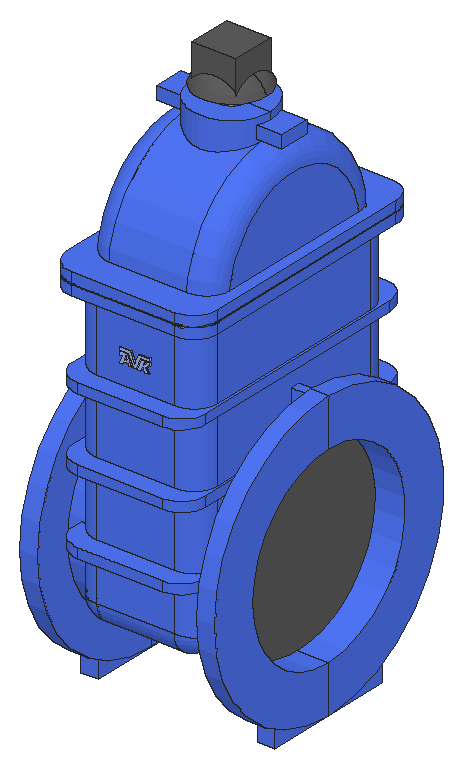
Revit family "45-59-020 DN50-400", category Pipe Accessories, Revit 2022
Family settings
  Round Connector Dimension = Use Diameter
  Part Type = Valve - Breaks Into
  Work Plane-Based = No
  Always vertical = No
  Cut with Voids When Loaded = No
  Shared = No
Parameters (values of type "DN400_PN16")
  stem_R = Stem_cap2 * 0.7  # 32.095 mm
  W = size_lookup(Search_table, "W", 0.00 mm, DN) / 2  # 298.50 mm
  Stem_cap_H3 = size_lookup(Search_table, "Stem_cap_H2", 0.00 mm, DN)  # 48.00 mm
  Stem_cap_H2 = size_lookup(Search_table, "Stem_cap_H2", 0.00 mm, DN) * 0.7  # 33.60 mm
  Stem_cap_H1 = size_lookup(Search_table, "Stem_cap_H1", 0.00 mm, DN)  # 80.00 mm
  Stem_cap_dim1 = Body_W / 1.8  # 72.778 mm
  Stem_cap2 = Body_W * 0.35  # 45.85 mm
  Stem_cap1 = Body_W * 0.4  # 52.40 mm
  Rib_T = size_lookup(Search_table, "Rib_T", 0.00 mm, DN) / 2  # 10.00 mm
  Rib3_W = size_lookup(Search_table, "Rib3_W", 0.00 mm, DN) / 2  # 138.00 mm
  Rib3_L = size_lookup(Search_table, "Rib3_L", 0.00 mm, DN) / 2  # 290.00 mm
  Rib3_H = size_lookup(Search_table, "Rib3_H", 0.00 mm, DN)  # 493.00 mm
  Rib2_W = size_lookup(Search_table, "Rib2_W", 0.00 mm, DN) / 2  # 138.00 mm
  Rib2_L = size_lookup(Search_table, "Rib2_L", 0.00 mm, DN) / 2  # 290.00 mm
  Rib2_H = size_lookup(Search_table, "Rib2_H", 0.00 mm, DN)  # 339.00 mm
  Rib1_W = size_lookup(Search_table, "Rib1_W", 0.00 mm, DN) / 2  # 138.00 mm
  Rib1_R = size_lookup(Search_table, "Rib1_R", 0.00 mm, DN)  # 50.00 mm
  Rib1_L = size_lookup(Search_table, "Rib1_L", 0.00 mm, DN) / 2  # 290.00 mm
  Rib1_H = size_lookup(Search_table, "Rib1_H", 0.00 mm, DN)  # 185.00 mm
  Raised_R1 = FL_OD * 0.78  # 232.83 mm
  Raised_R = size_lookup(Search_table, "Raised_R", 0.00 mm, DN)  # 4.00 mm
  Logo_H. = Body_H * 0.2  # 104.60 mm
  L = size_lookup(Search_table, "L", 0.00 mm, DN)  # 406.00 mm
  H3 = size_lookup(Search_table, "H3", 0.00 mm, DN)  # 1192.00 mm
  H = size_lookup(Search_table, "H", 0.00 mm, DN)  # 893.00 mm
  FL_T = size_lookup(Search_table, "FL_T", 0.00 mm, DN)  # 37.00 mm
  FL_OD = size_lookup(Search_table, "FL_OD", 0.00 mm, DN) / 2  # 298.50 mm
  DN = 400.10 mm
  Description_ = "AVK GATE VALVE, FLANGED"
  Default Elevation = 0.00 mm
  DN400_PN16 = "45-400-5D-016B4"
  DN300_PN10 = "45-300-59-006B4"
  DN400_PN10 = "45-400-5D-006B4"
  DN350_PN16 = "45-350-5D-016B4"
  DN050_PN10/16 = "45-050-59-01614"
  DN300_PN16 = "45-300-59-016B4"
  DN250_PN16 = "45-250-59-016B4"
  Search_table = "45-59-020 DN50-400"
  URL product pages = "https://www.avkvalves.com/P.aspx?no=450505901614"
  Bore_R = DN / 2  # 200.05 mm
  Bonnet_lift3 = stem_R  # 32.095 mm
  Bonnet_lift2 = Bonnet_dim * 0.85  # 225.25 mm
  Bonnet_lift1 = Bonnet_dim * 0.95  # 251.75 mm
  Bonnet_dim2 = Stem_cap2 * 1.8  # 82.53 mm
  Bonnet_dim1 = (Body_L + Stem_cap_H1) * 0.9  # 297.00 mm
  Bonnet_dim = size_lookup(Search_table, "Bonnet_dim", 0.00 mm, DN)  # 265.00 mm
  Bonnet_H = size_lookup(Search_table, "Bonnet_H", 0.00 mm, DN)  # 220.00 mm
  Body_wedge_dim = Bore_R / 2.5  # 80.02 mm
  Body_rib_L = size_lookup(Search_table, "Body_rib_L", 0.00 mm, DN) / 2  # 140.00 mm
  Body_W = size_lookup(Search_table, "Body_W", 0.00 mm, DN) / 2  # 131.00 mm
  Body_T = size_lookup(Search_table, "Body_T", 0.00 mm, DN)  # 22.00 mm
  Body_L = size_lookup(Search_table, "Body_L", 0.00 mm, DN) / 2  # 250.00 mm
  Body_H = size_lookup(Search_table, "Body_H", 0.00 mm, DN)  # 523.00 mm
  Body_FL_W = size_lookup(Search_table, "Body_FL_W", 0.00 mm, DN) / 2  # 157.00 mm
  Body_FL_L = size_lookup(Search_table, "Body_FL_L", 0.00 mm, DN) / 2  # 283.00 mm
  5 = 5.00 mm  # constant formula
  1 = 1.00 mm  # constant formula
Types (8, lengths in mm): name | stem_R | W | Stem_cap_H3 | Stem_cap_H2 | Stem_cap_H1 | Stem_cap_dim1 | Stem_cap2 | Stem_cap1 | Rib_T | Rib3_W | Rib3_L | Rib3_H | Rib2_W | Rib2_L | Rib2_H | Rib1_W | Rib1_R | Rib1_L | Rib1_H | Raised_R1 | Raised_R | Logo_H. | L | H3 | H | FL_T | FL_OD | DN | Bore_R | Bonnet_lift3 | Bonnet_lift2 | Bonnet_lift1 | Bonnet_dim2 | Bonnet_dim1 | Bonnet_dim | Bonnet_H | Body_wedge_dim | Body_rib_L | Body_W | Body_T | Body_L | Body_H | Body_FL_W | Body_FL_L
  (no name) | 32.095 | 298.50 | 48.00 | 33.60 | 80.00 | 72.778 | 45.85 | 52.40 | 10.00 | 138.00 | 290.00 | 493.00 | 138.00 | 290.00 | 339.00 | 138.00 | 50.00 | 290.00 | 185.00 | 232.83 | 4.00 | 104.60 | 406.00 | 1192.00 | 893.00 | 37.00 | 298.50 | 400.10 | 200.05 | 32.095 | 225.25 | 251.75 | 82.53 | 297.00 | 265.00 | 220.00 | 80.02 | 140.00 | 131.00 | 22.00 | 250.00 | 523.00 | 157.00 | 283.00
  DN050_PN10/16 | 10.535 | 82.50 | 70.00 | 49.00 | 55.00 | 23.889 | 15.05 | 17.20 | 4.00 | 25.00 | 50.00 | 25.00 | 25.00 | 50.00 | 25.00 | 25.00 | 15.00 | 50.00 | 25.00 | 64.35 | 3.00 | 24.20 | 169.00 | 383.00 | 293.00 | 16.00 | 82.50 | 50.00 | 25.00 | 10.535 | 69.70 | 77.90 | 27.09 | 106.20 | 82.00 | 63.00 | 10.00 | 40.00 | 43.00 | 8.00 | 63.00 | 121.00 | 57.50 | 75.00
  DN250_PN16 | 22.05 | 203.50 | 70.00 | 49.00 | 60.00 | 50.00 | 31.50 | 36.00 | 6.00 | 32.50 | 75.00 | 25.00 | 32.50 | 75.00 | 25.00 | 32.50 | 30.00 | 75.00 | 25.00 | 156.00 | 3.00 | 60.00 | 330.00 | 832.00 | 628.00 | 28.00 | 200.00 | 250.00 | 125.00 | 22.05 | 189.55 | 211.85 | 56.70 | 198.00 | 223.00 | 160.00 | 50.00 | 90.00 | 90.00 | 19.00 | 160.00 | 300.00 | 110.00 | 190.00
  DN300_PN10 | 27.93 | 241.50 | 70.00 | 49.00 | 60.00 | 63.333 | 39.90 | 45.60 | 8.00 | 150.00 | 231.00 | 35.00 | 150.00 | 231.00 | 280.00 | 150.00 | 40.00 | 231.00 | 125.00 | 188.37 | 3.00 | 74.40 | 356.00 | 943.00 | 701.00 | 28.00 | 241.50 | 300.00 | 150.00 | 27.93 | 208.25 | 232.75 | 71.82 | 245.70 | 245.00 | 213.00 | 60.00 | 110.00 | 114.00 | 19.00 | 213.00 | 372.00 | 142.00 | 241.50
  DN300_PN16 | 27.93 | 241.50 | 70.00 | 49.00 | 60.00 | 63.333 | 39.90 | 45.60 | 8.00 | 150.00 | 231.00 | 35.00 | 150.00 | 231.00 | 280.00 | 150.00 | 40.00 | 231.00 | 125.00 | 188.37 | 3.00 | 74.40 | 356.00 | 944.00 | 701.00 | 28.00 | 241.50 | 300.10 | 150.05 | 27.93 | 208.25 | 232.75 | 71.82 | 245.70 | 245.00 | 213.00 | 60.02 | 110.00 | 114.00 | 19.00 | 213.00 | 372.00 | 142.00 | 241.50
  DN350_PN16 | 30.012 | 266.50 | 115.00 | 80.50 | 96.00 | 68.056 | 42.875 | 49.00 | 9.00 | 145.00 | 250.00 | 35.00 | 145.00 | 250.00 | 310.00 | 145.00 | 45.00 | 250.00 | 150.00 | 207.87 | 4.00 | 90.00 | 381.00 | 1158.00 | 891.00 | 33.00 | 266.50 | 350.00 | 175.00 | 30.012 | 258.40 | 288.80 | 77.175 | 304.65 | 304.00 | 242.00 | 70.00 | 125.00 | 122.50 | 19.00 | 242.50 | 450.00 | 150.00 | 293.00
  DN400_PN10 | 32.095 | 298.50 | 48.00 | 33.60 | 80.00 | 72.778 | 45.85 | 52.40 | 9.00 | 138.00 | 290.00 | 493.00 | 138.00 | 290.00 | 339.00 | 138.00 | 50.00 | 290.00 | 185.00 | 232.83 | 4.00 | 104.60 | 406.00 | 1192.00 | 893.00 | 37.00 | 298.50 | 400.00 | 200.00 | 32.095 | 225.25 | 251.75 | 82.53 | 297.00 | 265.00 | 220.00 | 80.00 | 140.00 | 131.00 | 22.00 | 250.00 | 523.00 | 157.00 | 283.00
  DN400_PN16 | 32.095 | 298.50 | 48.00 | 33.60 | 80.00 | 72.778 | 45.85 | 52.40 | 10.00 | 138.00 | 290.00 | 493.00 | 138.00 | 290.00 | 339.00 | 138.00 | 50.00 | 290.00 | 185.00 | 232.83 | 4.00 | 104.60 | 406.00 | 1192.00 | 893.00 | 37.00 | 298.50 | 400.10 | 200.05 | 32.095 | 225.25 | 251.75 | 82.53 | 297.00 | 265.00 | 220.00 | 80.02 | 140.00 | 131.00 | 22.00 | 250.00 | 523.00 | 157.00 | 283.00
Reference planes
  plane 1 "Center (Front/Back)": y = 0
  plane 2: z = 0
  plane 3 "Center (Left/Right)": x = 0
  plane 4: x = -1073.014
  plane 5: x = 1073.014
  plane 6: x = -949.568
  plane 7: x = -203
  plane 8: x = 949.568
  plane 9: x = 203
  plane 10: z = 200.05
  plane 11: z = -200.05
  plane 12: z = 523
  plane 13: y = 250
  plane 14: x = 131
  plane 15: z = -80.02
  plane 16: z = 338
  plane 17: z = 184
  plane 18: z = 30
  plane 19: z = 893
  plane 20: z = -299
  plane 21: x = -203
  plane 22: x = 203
  plane 23: x = -203
  plane 24: x = 203
  plane 25: x = -131
  plane 26: x = 131
  plane 27: z = 298.5
  plane 28: y = 250
  plane 29: y = -250
  plane 30: y = 298.5
  plane 31: y = -298.5
  plane 32: x = -138
Forms (mm)
  Revolve 1, solid, material "Plastic"
    sketch origin (0, 0, 0) x (1, 0, 0) y (0, 0, 1)
      loop
        line (203, 298.5) -> (166, 298.5) -> (166, 222.05) -> (-166, 222.05) -> (-166, 298.5) -> (-203, 298.5) -> (-203, 200.05) -> (203, 200.05) -> (203, 298.5)
      axis (-203, 0) -> (203, 0)
    angle from 0 to 360
  Extrusion 2, solid, material "Plastic"
    sketch origin (-780, -1524, 523) x (-1, 0, 0) y (0, -1, 0)
      loop
        arc (-699, -1774) -> (-663.645, -1759.355) -> (-649, -1724) r 50
        line (-649, -1724) -> (-649, -1324)
        arc (-649, -1324) -> (-663.645, -1288.645) -> (-699, -1274) r 50
        line (-699, -1274) -> (-861, -1274)
        arc (-861, -1274) -> (-896.355, -1288.645) -> (-911, -1324) r 50
        line (-911, -1324) -> (-911, -1724)
        arc (-911, -1724) -> (-896.355, -1759.355) -> (-861, -1774) r 50
        line (-861, -1774) -> (-699, -1774)
    from 0 to -603.02
  Extrusion 3, solid, material "Plastic"
    sketch origin (-780, -1524, 523) x (-1, 0, 0) y (0, -1, 0)
      loop
        arc (-673, -1807) -> (-637.645, -1792.355) -> (-623, -1757) r 50
        line (-623, -1757) -> (-623, -1291)
        arc (-623, -1291) -> (-637.645, -1255.645) -> (-673, -1241) r 50
        line (-673, -1241) -> (-887, -1241)
        arc (-887, -1241) -> (-922.355, -1255.645) -> (-937, -1291) r 50
        line (-937, -1291) -> (-937, -1757)
        arc (-937, -1757) -> (-922.355, -1792.355) -> (-887, -1807) r 50
        line (-887, -1807) -> (-673, -1807)
    from -22 to 22
  Sweep 4, void
    path in 3D
      loop
        arc (-107, 283, 545) -> (-142.355, 268.355, 545) -> (-157, 233, 545) r 50
        line (-157, 233, 545) -> (-157, -233, 545)
        arc (-157, -233, 545) -> (-142.355, -268.355, 545) -> (-107, -283, 545) r 50
        line (-107, -283, 545) -> (107, -283, 545)
        arc (107, -283, 545) -> (142.355, -268.355, 545) -> (157, -233, 545) r 50
        line (157, -233, 545) -> (157, 233, 545)
        arc (157, 233, 545) -> (142.355, 268.355, 545) -> (107, 283, 545) r 50
        line (107, 283, 545) -> (-107, 283, 545)
    profile origin (0, 283, 545) x (0, -1, 0) y (0, 0, 1)
      loop
        circle (0, -22) r 1
  Extrusion 5, solid, material "Plastic"
    sketch origin (-159.213, -1524, 30) x (-1, 0, 0) y (0, -1, 0)
      loop
        arc (-71.213, -1814) -> (-35.858, -1799.355) -> (-21.213, -1764) r 50
        line (-21.213, -1764) -> (-21.213, -1284)
        arc (-21.213, -1284) -> (-35.858, -1248.645) -> (-71.213, -1234) r 50
        line (-71.213, -1234) -> (-247.213, -1234)
        arc (-247.213, -1234) -> (-282.569, -1248.645) -> (-297.213, -1284) r 50
        line (-297.213, -1284) -> (-297.213, -1764)
        arc (-297.213, -1764) -> (-282.569, -1799.355) -> (-247.213, -1814) r 50
        line (-247.213, -1814) -> (-71.213, -1814)
    from -10 to 10
  Extrusion 6, solid, material "Plastic"
    sketch origin (-159.213, -1524, 184) x (-1, 0, 0) y (0, -1, 0)
      loop
        arc (-71.213, -1814) -> (-35.858, -1799.355) -> (-21.213, -1764) r 50
        line (-21.213, -1764) -> (-21.213, -1284)
        arc (-21.213, -1284) -> (-35.858, -1248.645) -> (-71.213, -1234) r 50
        line (-71.213, -1234) -> (-247.213, -1234)
        arc (-247.213, -1234) -> (-282.569, -1248.645) -> (-297.213, -1284) r 50
        line (-297.213, -1284) -> (-297.213, -1764)
        arc (-297.213, -1764) -> (-282.569, -1799.355) -> (-247.213, -1814) r 50
        line (-247.213, -1814) -> (-71.213, -1814)
    from -10 to 10
  Extrusion 7, solid, material "Plastic"
    sketch origin (-159.213, -1524, 338) x (-1, 0, 0) y (0, -1, 0)
      loop
        arc (-71.213, -1814) -> (-35.858, -1799.355) -> (-21.213, -1764) r 50
        line (-21.213, -1764) -> (-21.213, -1284)
        arc (-21.213, -1284) -> (-35.858, -1248.645) -> (-71.213, -1234) r 50
        line (-71.213, -1234) -> (-247.213, -1234)
        arc (-247.213, -1234) -> (-282.569, -1248.645) -> (-297.213, -1284) r 50
        line (-297.213, -1284) -> (-297.213, -1764)
        arc (-297.213, -1764) -> (-282.569, -1799.355) -> (-247.213, -1814) r 50
        line (-247.213, -1814) -> (-71.213, -1814)
    from -10 to 10
  Revolve 8, solid, material "Aluminum 1100-O"
    sketch origin (0, 0, 0) x (1, 0, 0) y (0, 0, 1)
      loop
        line (0, 813) -> (72.778, 813)
        arc (72.778, 813) -> (44.01, 848.153) -> (0, 859.4) r 72.778
        line (0, 859.4) -> (0, 813)
      axis (0, 859.4) -> (0, 813)
    angle from 0 to 360
  Extrusion 9, solid, material "Aluminum 1100-O"
    sketch origin (0, 0, 0) x (1, 0, 0) y (0, 0, 1)
      loop
        line (-45.85, 893) -> (-45.85, 813) -> (45.85, 813) -> (45.85, 893) -> (-45.85, 893)
    from -45.85 to 45.85
  Revolve 10, solid, material "Default Wall"
    sketch origin (0, 0, 0) x (0, 1, 0) y (0, 0, 1)
      loop
        line (0, 813) -> (-32.095, 813) -> (-32.095, 523) -> (0, 523) -> (0, 813)
      axis (0, 523) -> (0, 813)
    angle from 0 to 360
  Revolve 11, solid, material "Plastic"
    sketch origin (0, 0, 0) x (1, 0, 0) y (0, 0, 1)
      loop
        line (82.53, 788) -> (0, 788) -> (0, 523) -> (82.53, 523) -> (82.53, 788)
      axis (0, 788) -> (0, 523)
    angle from 0 to 360
  Extrusion 12, solid, material "Plastic"
    sketch origin (0, 0, 0) x (1, 0, 0) y (0, 0, 1)
      loop
        line (-166, 293.5) -> (-166, 200.05) -> (-131, 200.05) -> (-131, 293.5) -> (-166, 293.5)
      loop
        line (192.5, 293.5) -> (131, 293.5) -> (131, 200.05) -> (192.5, 200.05) -> (192.5, 293.5)
    from -10 to 10
  Extrusion 13, solid, material "Aluminum 1100-O"
    sketch origin (0, 0, 0) x (0, 1, 0) y (0, 0, 1)
      loop
        circle (0, 0) r 200.05
    from -139 to 139
  Revolve 14, solid, material "Plastic"
    sketch origin (-780, -1524, 523) x (-1, 0, 0) y (0, -1, 0)
      loop
        arc (-699, -1744) -> (-663.645, -1729.355) -> (-649, -1694) r 50
        line (-649, -1694) -> (-649, -1524) -> (-911, -1524) -> (-911, -1694)
        arc (-911, -1694) -> (-896.355, -1729.355) -> (-861, -1744) r 50
        line (-861, -1744) -> (-699, -1744)
      axis (-649, -1524) -> (-911, -1524)
    angle from -180 to 0
  Extrusion 15, solid, material "Plastic"
    sketch origin (0, 0, 0) x (0, 1, 0) y (0, 0, 1)
      loop
        line (140, -200.05) -> (-140, -200.05) -> (-140, -299) -> (140, -299) -> (140, -200.05)
    from 166 to 202
  Extrusion 16, solid, material "Plastic"
    sketch origin (0, 0, 0) x (0, 1, 0) y (0, 0, 1)
      loop
        line (140, -200.05) -> (-140, -200.05) -> (-140, -299) -> (140, -299) -> (140, -200.05)
    from -166 to -202
  Revolve 17, solid, material "Plastic"
    sketch origin (-725.305, -1524, -80.02) x (-1, 0, 0) y (0, -1, 0)
      loop
        arc (-644.305, -1774) -> (-608.949, -1759.355) -> (-594.305, -1724) r 50
        line (-594.305, -1724) -> (-855.587, -1724)
        arc (-855.587, -1724) -> (-841.407, -1759.311) -> (-806.305, -1774) r 49.287
        line (-806.305, -1774) -> (-644.305, -1774)
      axis (-594.305, -1724) -> (-855.587, -1724)
    angle from 0 to 360
  Revolve 18, solid, material "Plastic"
    sketch origin (-725.305, -1524, -80.02) x (-1, 0, 0) y (0, -1, 0)
      loop
        line (-644.305, -1274) -> (-806.305, -1274)
        arc (-806.305, -1274) -> (-841.66, -1288.645) -> (-856.305, -1324) r 50
        line (-856.305, -1324) -> (-594.305, -1324)
        arc (-594.305, -1324) -> (-608.949, -1288.645) -> (-644.305, -1274) r 50
      axis (-594.305, -1324) -> (-856.305, -1324)
    angle from 0 to 360
  Extrusion 19, solid, material "Plastic"
    sketch origin (0, 0, 0) x (1, 0, 0) y (0, 0, 1)
      loop
        line (-131, 774.75) -> (-131, 748.25) -> (131, 748.25) -> (131, 774.75) -> (-131, 774.75)
    from -32.095 to 32.095
Cuts and joins
  Sweep 4 cuts Extrusion 3
Lines and regions (mm)
  sketch lines
    curve 1: line (107, 283, 545) -> (-107, 283, 545)
    curve 2: arc (-157, 233, 545) -> (-142.355, 268.355, 545) -> (-107, 283, 545) r 50
    curve 3: line (-157, 233, 545) -> (-157, -233, 545)
    curve 4: arc (-107, -283, 545) -> (-142.355, -268.355, 545) -> (-157, -233, 545) r 50
    curve 5: line (-107, -283, 545) -> (107, -283, 545)
    curve 6: arc (157, -233, 545) -> (142.355, -268.355, 545) -> (107, -283, 545) r 50
    curve 7: line (157, -233, 545) -> (157, 233, 545)
    curve 8: arc (107, 283, 545) -> (142.355, 268.355, 545) -> (157, 233, 545) r 50
Dimensions and locks
  equal spacing: plane 5, plane 3 "Center (Left/Right)", plane 4
  equal spacing: plane 9, plane 3 "Center (Left/Right)", plane 7
  equal spacing: plane 8, plane 3 "Center (Left/Right)", plane 6
  "L": plane 9 to plane 7
  equal spacing: plane 10, level, plane 11
  "DN": plane 10 to plane 11
  "W": Revolve 1 sketch curve to level
  "Body_T": Revolve 1 sketch curve to plane 10
  equal spacing: Revolve 1 sketch curve, plane 3 "Center (Left/Right)", Revolve 1 sketch curve
  "Body_H": plane 12 to level
  equal spacing: Extrusion 2 sketch curve, plane 1 "Center (Front/Back)", Extrusion 2 sketch curve
  equal spacing: Extrusion 2 sketch curve, plane 3 "Center (Left/Right)", Extrusion 2 sketch curve
  "Body_L": plane 1 "Center (Front/Back)" to plane 13
  "Body_W": plane 3 "Center (Left/Right)" to plane 14
  "Body_wedge_dim": level to Extrusion 2
  equal spacing: Extrusion 3 sketch curve, plane 1 "Center (Front/Back)", Extrusion 3 sketch curve
  equal spacing: Extrusion 3 sketch curve, plane 3 "Center (Left/Right)", Extrusion 3 sketch curve
  "Body_FL_W": plane 3 "Center (Left/Right)" to Extrusion 3 sketch curve
  "Body_FL_L": plane 1 "Center (Front/Back)" to Extrusion 3 sketch curve
  "Body_T": Extrusion 3 to plane 12
  "Body_T": plane 12 to Extrusion 3
  "Body_wedge_dim": level to plane 15
  equal spacing: Sweep 4 sketch curve, plane 12, Sweep 4 sketch curve
  "Body_FL_L": Sweep 4 sketch curve to plane 1 "Center (Front/Back)"
  "H": plane 19 to level
  equal spacing: plane 22, plane 3 "Center (Left/Right)", plane 21
  "L": plane 22 to plane 21
  "Rib1_H": plane 12 to plane 16
  "Rib2_H": plane 12 to plane 17
  "Rib3_H": plane 12 to plane 18
  equal spacing: Extrusion 5 sketch curve, plane 3 "Center (Left/Right)", Extrusion 5 sketch curve
  equal spacing: Extrusion 5 sketch curve, plane 1 "Center (Front/Back)", Extrusion 5 sketch curve
  "Rib3_W": plane 3 "Center (Left/Right)" to Extrusion 5 sketch curve
  "Rib3_L": plane 1 "Center (Front/Back)" to Extrusion 5 sketch curve
  equal spacing: Extrusion 5, plane 18, Extrusion 5
  "Rib_T": Extrusion 5 to plane 18
  equal spacing: Extrusion 6 sketch curve, plane 1 "Center (Front/Back)", Extrusion 6 sketch curve
  equal spacing: Extrusion 6 sketch curve, plane 3 "Center (Left/Right)", Extrusion 6 sketch curve
  "Rib2_L": plane 1 "Center (Front/Back)" to Extrusion 6 sketch curve
  "Rib2_W": plane 3 "Center (Left/Right)" to Extrusion 6 sketch curve
  equal spacing: Extrusion 6, plane 17, Extrusion 6
  "Rib_T": Extrusion 6 to plane 17
  equal spacing: Extrusion 7 sketch curve, plane 3 "Center (Left/Right)", Extrusion 7 sketch curve
  equal spacing: Extrusion 7 sketch curve, plane 1 "Center (Front/Back)", Extrusion 7 sketch curve
  "Rib1_W": plane 3 "Center (Left/Right)" to Extrusion 7 sketch curve
  "Rib1_L": plane 1 "Center (Front/Back)" to Extrusion 7 sketch curve
  equal spacing: Extrusion 7, plane 16, Extrusion 7
  "Rib_T": Extrusion 7 to plane 16
  "Stem_cap_H2": plane 19 to Revolve 8 sketch curve
  "Stem_cap_H1": plane 19 to Revolve 8 sketch curve
  "Stem_cap_dim1": Revolve 8 sketch curve to plane 3 "Center (Left/Right)"
  equal spacing: Extrusion 9 sketch curve, plane 3 "Center (Left/Right)", Extrusion 9 sketch curve
  "Stem_cap2": Extrusion 9 sketch curve to plane 3 "Center (Left/Right)"
  "Stem_cap_H1": plane 19 to Extrusion 9 sketch curve
  equal spacing: Extrusion 9, plane 1 "Center (Front/Back)", Extrusion 9
  "Stem_cap2": Extrusion 9 to plane 1 "Center (Front/Back)"
  "stem_R": plane 1 "Center (Front/Back)" to Revolve 10 sketch curve
  "Stem_cap_H1": plane 19 to Revolve 10 sketch curve
  "Bonnet_dim2": Revolve 11 sketch curve to plane 3 "Center (Left/Right)"
  equal spacing: plane 24, plane 3 "Center (Left/Right)", plane 23
  "L": plane 24 to plane 23
  "FL_T": Extrusion 12 sketch curve to plane 23
  "Body_W": plane 3 "Center (Left/Right)" to Extrusion 12 sketch curve
  "Bore_R": Extrusion 12 sketch curve to level
  equal spacing: Extrusion 12 sketch curve, plane 3 "Center (Left/Right)", Extrusion 12 sketch curve
  equal spacing: Extrusion 12, plane 1 "Center (Front/Back)", Extrusion 12
  "Rib_T": plane 1 "Center (Front/Back)" to Extrusion 12
  equal spacing: Extrusion 13 sketch curve, plane 1 "Center (Front/Back)", Extrusion 13 sketch curve
  equal spacing: Extrusion 13 sketch curve, level, Extrusion 13 sketch curve
  equal spacing: plane 26, plane 3 "Center (Left/Right)", plane 25
  "Body_W": plane 3 "Center (Left/Right)" to plane 25
  equal spacing: Extrusion 13, plane 3 "Center (Left/Right)", Extrusion 13
  "W": plane 27 to level
  "5": plane 27 to Extrusion 12 sketch curve
  "FL_T": Revolve 1 to plane 21
  "Bonnet_dim": Revolve 11 sketch curve to plane 12
  "Bonnet_H": plane 1 "Center (Front/Back)" to Revolve 14 sketch curve
  "H3": plane 19 to plane 20
  equal spacing: Extrusion 15 sketch curve, plane 1 "Center (Front/Back)", Extrusion 15 sketch curve
  "Body_rib_L": Extrusion 15 sketch curve to plane 1 "Center (Front/Back)"
  "Bore_R": level to Extrusion 15 sketch curve
  "1": Extrusion 15 to plane 22
  "FL_T": Extrusion 15 to plane 22
  equal spacing: Extrusion 16 sketch curve, plane 1 "Center (Front/Back)", Extrusion 16 sketch curve
  "Body_rib_L": Extrusion 16 sketch curve to plane 1 "Center (Front/Back)"
  "Bore_R": level to Extrusion 16 sketch curve
  "1": Extrusion 16 to plane 21
  "FL_T": Extrusion 16 to plane 21
  "Body_L": plane 1 "Center (Front/Back)" to Revolve 17 sketch curve
  "Body_L": plane 1 "Center (Front/Back)" to plane 28
  "Rib1_R": plane 28 to Revolve 17 sketch curve  (x2)
  "Rib1_R": Revolve 17 sketch curve to plane 26
  "Rib1_R": plane 25 to Revolve 17 sketch curve
  "Body_L": plane 29 to plane 1 "Center (Front/Back)"
  equal spacing: Revolve 18 sketch curve, plane 3 "Center (Left/Right)", Revolve 18 sketch curve
  "Rib1_R": Revolve 18 sketch curve to plane 29  (x3)
  "Rib1_R": plane 25 to Revolve 18 sketch curve
  equal spacing: plane 30, plane 1 "Center (Front/Back)", plane 31
  "W": plane 30 to plane 1 "Center (Front/Back)"
  plane 19 to plane 20 = 1192.00 mm
  plane 30 to plane 31 = 597.00 mm
  "Logo_H.": plane 12 to nested 1
  plane 3 "Center (Left/Right)" to plane 32 = 138.00 mm
  "1": plane 32 to Extrusion 13
  "Rib1_W": plane 3 "Center (Left/Right)" to plane 32
  Revolve 11 to plane 3 "Center (Left/Right)" = 82.53 mm
  "Bonnet_lift2": Extrusion 19 to plane 12
  "Bonnet_lift1": Extrusion 19 to plane 12
  equal spacing: Extrusion 19, plane 1 "Center (Front/Back)", Extrusion 19
  "Bonnet_lift3": Extrusion 19 to plane 1 "Center (Front/Back)"
  "Rib1_R": radius of Extrusion 2 sketch curve  (x4)
  "Rib1_R": radius of Extrusion 3 sketch curve  (x4)
  "1": radius of Sweep 4 sketch curve
  "Rib1_R": radius of Extrusion 5 sketch curve  (x4)
  "Rib1_R": radius of Extrusion 6 sketch curve  (x4)
  "Rib1_R": radius of Extrusion 7 sketch curve  (x4)
  "Bore_R": radius of Extrusion 13 sketch curve
  "Stem_cap_dim1": radius of Revolve 8 sketch curve
  "Rib1_R": radius of Revolve 14 sketch curve  (x2)
  aligned and locked: level to plane 2
  aligned and locked: Revolve 1 sketch curve to level
  aligned and locked: Revolve 1 sketch curve to plane 7
  aligned and locked: plane 9 to Revolve 1 sketch curve
  aligned and locked: Revolve 1 sketch curve to plane 10
  aligned and locked: Revolve 1 sketch curve to Revolve 1 sketch curve
  aligned and locked: plane 13 to Extrusion 2 sketch curve
  aligned and locked: plane 14 to Extrusion 2 sketch curve
  aligned and locked: Extrusion 2 to plane 12
  aligned and locked: Revolve 8 sketch curve to plane 3 "Center (Left/Right)"
  aligned and locked: Extrusion 9 sketch curve to plane 19
  aligned and locked: plane 12 to Revolve 10 sketch curve
  aligned and locked: Revolve 10 sketch curve to plane 1 "Center (Front/Back)"
  aligned and locked: Revolve 11 sketch curve to plane 3 "Center (Left/Right)"  (x2)
  aligned and locked: Revolve 11 sketch curve to plane 12
  aligned and locked: Extrusion 12 sketch curve to Extrusion 12 sketch curve  (x2)
  aligned and locked: plane 25 to Revolve 14 sketch curve
  aligned and locked: plane 26 to Revolve 14 sketch curve
  aligned and locked: Revolve 14 sketch curve to plane 1 "Center (Front/Back)"
  aligned and locked: plane 1 "Center (Front/Back)" to Revolve 14 sketch curve
  aligned and locked: plane 20 to Extrusion 15 sketch curve
  aligned and locked: plane 20 to Extrusion 16 sketch curve
  aligned and locked: plane 12 to Revolve 14
  aligned and locked: Revolve 14 to plane 12
  aligned and locked: Revolve 18 sketch curve to plane 29
  aligned and locked: plane 3 "Center (Left/Right)" to nested 1
  aligned and locked: Extrusion 19 to plane 25
  aligned and locked: plane 26 to Extrusion 19
Automatic sketch dimensions
  plane 25 to Extrusion 19 sketch curve = 0.00 mm
  plane 26 to Extrusion 19 sketch curve = 0.00 mm
  plane 12 to Extrusion 19 sketch curve = 225.25 mm
  Extrusion 19 sketch curve to Extrusion 19 sketch curve = 26.50 mm
  Revolve 1 sketch curve to plane 4 = 0.00 mm
  Revolve 1 sketch curve to plane 32 = 28.00 mm
  Revolve 1 sketch curve to plane 7 = 143.914 mm
  Revolve 8 sketch curve to plane 3 "Center (Left/Right)" = 0.00 mm
  Revolve 8 sketch curve to Revolve 8 sketch curve = 10.684 mm
  Revolve 8 sketch curve to Revolve 8 sketch curve = 1.908 mm
  Revolve 10 sketch curve to plane 1 "Center (Front/Back)" = 0.00 mm
  Revolve 10 sketch curve to Revolve 10 sketch curve = 52.198 mm
  Revolve 10 sketch curve to Revolve 10 sketch curve = 3.198 mm
  Revolve 11 sketch curve to Revolve 11 sketch curve = 0.00 mm
  Revolve 11 sketch curve to Revolve 11 sketch curve = 20.906 mm
  plane 22 to Extrusion 12 sketch curve = 10.50 mm
  Revolve 14 sketch curve to plane 21 = 14.471 mm
  Revolve 14 sketch curve to Revolve 14 sketch curve = 65.00 mm
  Revolve 17 sketch curve to plane 25 = 0.00 mm
  plane 26 to Revolve 17 sketch curve = 0.718 mm
  plane 25 to Revolve 17 sketch curve = 3.484 mm
  Revolve 17 sketch curve to Revolve 17 sketch curve = 0.30 mm
  Revolve 18 sketch curve to Revolve 18 sketch curve = 4.149 mm
  Revolve 18 sketch curve to Revolve 18 sketch curve = 0.649 mm
Nested families
  nested 1: "logo medium-1" at (0, -250, 397.871) x (1, 0, 0) z (0, -1, 0), type "logo medium-1"
Connectors
  piping at (-203, 0, 0), diameter 400.1, driven by "DN"
    settings: on Revolve 1, index 1, connector inside diameter 609.6 mm, connector length 0.00 mm, flow factor 0, pipe flow 0.0 L/s, pressure drop 0.0 Pa, fitting loss kfactor 0, connector angle 0.00°, fixture units 0, engagement length 0.00 mm, angle of deflection 0.00°, flow configuration 0, flow direction 0, fitting loss method 0, system type 7, joint type 0, gender type 0, connector reference index -1, connector utility 0, adjustable connector no, is connector primary yes, connector description ""
  piping at (203, 0, 0), diameter 400.1, driven by "DN"
    settings: on Revolve 1, index 2, connector inside diameter 609.6 mm, connector length 0.00 mm, flow factor 0, pipe flow 0.0 L/s, pressure drop 0.0 Pa, fitting loss kfactor 0, connector angle 0.00°, fixture units 0, engagement length 0.00 mm, angle of deflection 0.00°, flow configuration 0, flow direction 0, fitting loss method 0, system type 7, joint type 0, gender type 0, connector reference index -1, connector utility 0, adjustable connector no, is connector primary no, connector description ""
Definition of nested family "logo medium-1"
  Parameters
    Default Elevation = 1219.20 mm
  Reference planes
    plane 1 "Center (Front/Back)": y = 0
    plane 2: z = 0
    plane 3 "Center (Left/Right)": x = 0
  Forms (mm)
    Extrusion 1, solid
      sketch origin (0, 0, 0) x (1, 0, 0) y (0, 1, 0)
        loop
          line (-1219.2, 1219.2) -> (-1219.2, -1219.2) -> (1219.2, -1219.2) -> (1219.2, 1219.2) -> (-1219.2, 1219.2)
      from 0 to -188.781
    Extrusion 2, solid
      sketch origin (0, 0, 0) x (1, 0, 0) y (0, 1, 0)
        loop
          line (-30.911, 14.607) -> (-12.952, 14.607) -> (-3.438, -8.594) -> (3.26, -8.594) -> (12.676, 14.607) -> (30.732, 14.607) -> (30.732, 20.529) -> (7.968, 20.529) -> (0, 0) -> (-8.195, 20.529) -> (-30.911, 20.529) -> (-30.911, 14.607)
        loop
          line (30.732, 6.453) -> (30.732, 12.569) -> (24.908, 12.569)
          arc (24.908, 12.569) -> (22.993, 7.075) -> (17.724, 4.608) r 7.492
          line (17.724, 4.608) -> (20.928, 12.569) -> (14.521, 12.569) -> (5.881, -8.594) -> (12.434, -8.594) -> (15.777, -0.405) -> (21.354, -8.594) -> (29.424, -8.594) -> (22.319, 0.649)
          arc (22.319, 0.649) -> (26.344, 2.972) -> (29.424, 6.453) r 14.456
          line (29.424, 6.453) -> (30.732, 6.453)
        loop
          line (-5.865, -8.594) -> (-14.796, 12.569) -> (-30.911, 12.569) -> (-30.911, 6.453) -> (-25.086, 6.453) -> (-30.911, -8.594) -> (-25.086, -8.594) -> (-23.728, -5.084) -> (-13.656, -5.084) -> (-12.175, -8.594) -> (-5.865, -8.594)
        loop
          line (-18.776, 7.618) -> (-21.494, 0) -> (-15.961, 0) -> (-18.776, 7.618)
      from 0 to 2
  Dimensions and locks
    aligned and locked: plane 2 to Extrusion 1
    aligned and locked: level to Extrusion 1
    aligned and locked: Extrusion 2 sketch curve to import instance  (x36)
